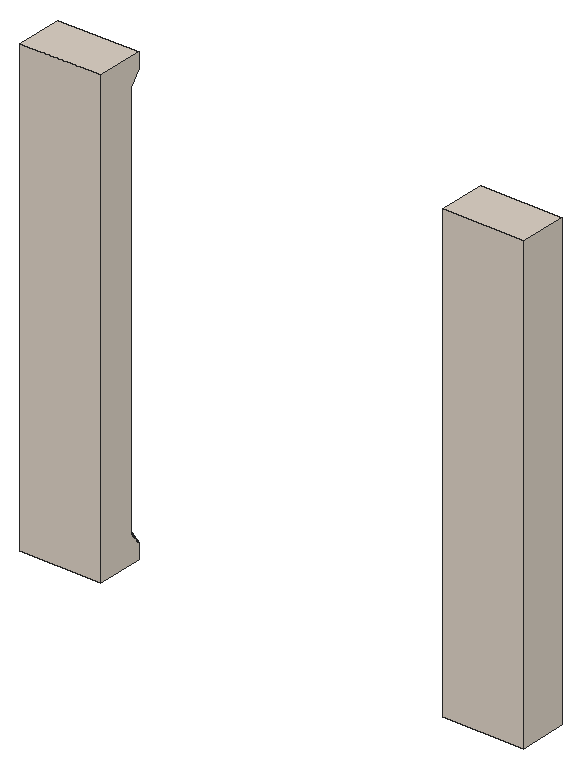
Revit family
Parameters (values of type "125 x 215mm Wide")
  Surround Width = 215.0 mm
  Surround Depth = 125.0 mm
  Opening Width [instance] = 910.0 mm
  Opening Depth [instance] = 1210.0 mm
  Surround Offset from Ext = 25.0 mm
  Material Surround = Masonry - Stone
  Keynote = "F"
  Chamfer = 25.0 mm
Types (2, lengths in mm): name | Surround Width
  125 x 150mm Wide | 150.0
  125 x 215mm Wide | 215.0
Reference planes
  plane 1 "Wall": y = -11.298
  plane 2 "Center (Left/Right)": x = 161.814
  plane 3 "Back": y = 138.702
  plane 4: y = 163.702
  plane 5: y = 38.702
  plane 6: z = 2110
  plane 7: z = 900
  plane 8: x = 376.814
  plane 9: x = -748.186
  plane 10: x = -963.186
  plane 11: z = 2035
  plane 12: z = 975
  plane 13: z = 2035
  plane 14: z = 975
Forms (mm)
  Extrusion 1, void
    sketch origin (0, 138.702, 0) x (-1, 0, 0) y (0, 0, 1)
      loop
        line (-376.814, 2110) -> (-376.814, 900) -> (-160.814, 900) -> (-160.814, 2110) -> (-376.814, 2110)
      loop
        line (747.186, 900) -> (963.186, 900) -> (963.186, 2110) -> (747.186, 2110) -> (747.186, 900)
    from 0 to -100
  Extrusion 2, solid, material "Masonry - Stone" <- "Material Surround"
    sketch origin (0, 138.702, 0) x (1, 0, 0) y (0, 0, 1)
      loop
        line (376.814, 2110) -> (161.814, 2110) -> (161.814, 900) -> (376.814, 900) -> (376.814, 2110)
      loop
        line (-748.186, 900) -> (-748.186, 2110) -> (-963.186, 2110) -> (-963.186, 900) -> (-748.186, 900)
    from -25 to 100
  Sweep 3, void
    path origin (472.054, 163.702, 0) x (0, 0, 1) y (1, 0, 0)
      loop
        line (2110, -385.24) -> (2035, -310.24) -> (975, -310.24) -> (900, -385.24)
    profile origin (161.814, 163.702, 1505) x (0, 1, 0) y (-1, 0, 0)
      loop
        line (0, -25) -> (0, 0) -> (-25, 0) -> (0, -25)
  Sweep 4, void
    path origin (472.054, 163.702, 0) x (0, 0, 1) y (1, 0, 0)
      loop
        line (2110, -1145.24) -> (2035, -1220.24) -> (975, -1220.24) -> (900, -1145.24)
    profile origin (-748.186, 163.702, 1505) x (0, 1, 0) y (-1, 0, 0)
      loop
        line (0, 0) -> (0, 25) -> (-25, 0) -> (0, 0)
Cuts and joins
  Sweep 3, Sweep 4 cuts Extrusion 2
Text (mm)
  text "Placement side" at (-1848.837, 1116.779, 0), in view "Ref. Level"
  text "Placement side" at (0, 1409.804, 2854.306), in view "Left"
  text "Placement side" at (0, 499.811, 2980.732), in view "Right"
Dimensions and locks
  locked: plane 3 "Back" to host wall
  "Surround Offset from Ext": plane 3 "Back" to plane 4
  "Surround Depth": plane 5 to plane 4
  locked: level to plane 6 at 2110
  "Opening Depth": plane 7 to plane 6
  "Surround Width": plane 8 to plane 2 "Center (Left/Right)"
  "Surround Width": plane 9 to plane 10
  "Opening Width": plane 2 "Center (Left/Right)" to plane 9
  plane 11 to plane 6 = 75.0 mm
  plane 7 to plane 12 = 75.0 mm
  "Chamfer": plane 2 "Center (Left/Right)" to Sweep 3 sketch curve
  "Chamfer": plane 4 to Sweep 3 sketch curve
  plane 13 to plane 6 = 75.0 mm
  plane 7 to plane 14 = 75.0 mm
  "Chamfer": Sweep 4 sketch curve to plane 9
  "Chamfer": plane 4 to Sweep 4 sketch curve
  locked: plane 2 "Center (Left/Right)" to Extrusion 1 sketch curve at 1
  locked: Extrusion 1 sketch curve to plane 9 at 1
  aligned and locked: plane 1 "Wall" to host wall
  aligned and locked: Extrusion 1 to plane 5
  aligned and locked: host wall to Extrusion 1
  aligned and locked: plane 4 to Extrusion 2
  aligned and locked: Extrusion 2 to plane 5
  aligned and locked: Extrusion 1 sketch curve to plane 7
  aligned and locked: plane 6 to Extrusion 1 sketch curve
  aligned and locked: Extrusion 1 sketch curve to plane 8
  aligned and locked: Extrusion 2 sketch curve to plane 7
  aligned and locked: plane 6 to Extrusion 2 sketch curve
  aligned and locked: plane 2 "Center (Left/Right)" to Extrusion 2 sketch curve
  aligned and locked: Extrusion 2 sketch curve to plane 8
  aligned and locked: plane 2 "Center (Left/Right)" to Sweep 3 sketch curve
  aligned and locked: plane 9 to Sweep 4 sketch curve
Automatic sketch dimensions
  Extrusion 2 sketch curve to plane 7 = 0.0 mm
  Extrusion 2 sketch curve to plane 10 = 0.0 mm
  Extrusion 2 sketch curve to plane 6 = 0.0 mm
  Extrusion 2 sketch curve to plane 9 = 0.0 mm
  Sweep 3 sketch curve to plane 7 = 0.0 mm
  Sweep 3 sketch curve to plane 12 = 0.0 mm
  Sweep 3 sketch curve to plane 11 = 0.0 mm
  Sweep 3 sketch curve to plane 6 = 0.0 mm
  Sweep 3 sketch curve to plane 2 "Center (Left/Right)" = 75.0 mm  (x2)
  Sweep 3 sketch curve to profile plane = 0.0 mm
  Sweep 3 sketch curve to plane 4 = 0.0 mm
  Sweep 4 sketch curve to plane 7 = 0.0 mm
  Sweep 4 sketch curve to plane 14 = 0.0 mm
  Sweep 4 sketch curve to plane 13 = 0.0 mm
  Sweep 4 sketch curve to plane 6 = 0.0 mm
  plane 9 to Sweep 4 sketch curve = 75.0 mm  (x2)
  Sweep 4 sketch curve to plane 4 = 0.0 mm
  Sweep 4 sketch curve to profile plane = 0.0 mm
  Extrusion 1 sketch curve to plane 7 = 0.0 mm
  Extrusion 1 sketch curve to plane 6 = 0.0 mm
  Extrusion 1 sketch curve to plane 10 = 0.0 mm
